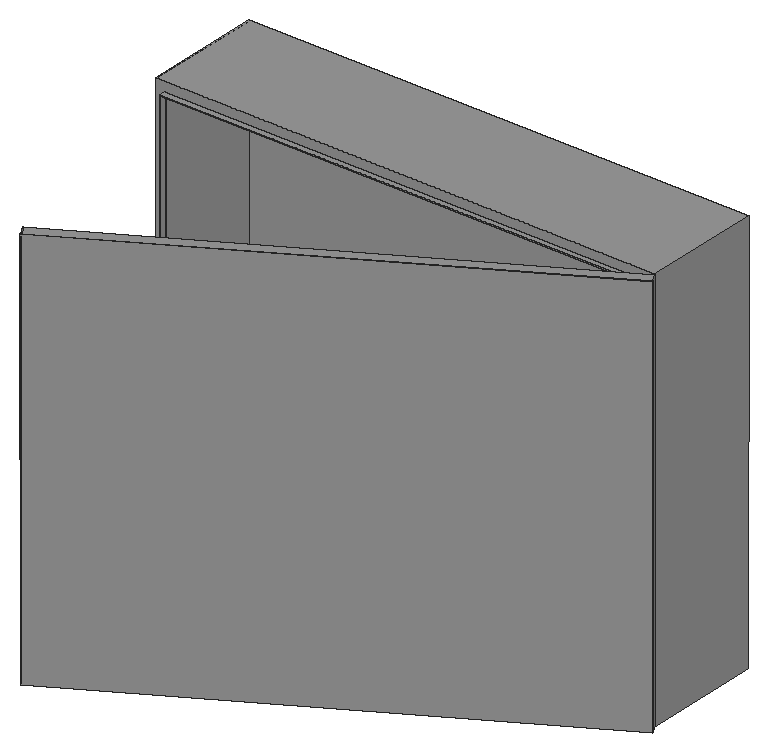
Revit family "Hager-Univers-IP44-D205-H650-Cl.II-Encl-NoHosted-BE-fr", category Electrical Equipment, Revit 2020
Family settings
  Panel Configuration = Two Columns, Circuits Across
  Round Connector Dimension = Use Diameter
  Part Type = Panelboard
  Work Plane-Based = Yes
  Always vertical = Yes
  Cut with Voids When Loaded = No
  Shared = No
  Room Calculation Point = No
Parameters (values of type "saillie IP44 L800 H650 P205  - FP43QS")
  Width Control [instance] = if([EF000008 - largeur] > Min Width, [EF000008 - largeur], Min Width)  # 800 mm
  Type Comments = [HG000003 - Gamme]  # "Univers"
  Thickness Door [instance] = if([EF009171 - épaisseur de matériau de la porte/du couvercle] > 3 mm, 3 mm, [EF009171 - épaisseur de matériau de la porte/du couvercle])  # 1 mm
  Seal Frame Offset [instance] = 17 mm  # constant formula
  Plinth Visibility [instance] = [HG000027 - Hauteur du socle] > 0 mm  # no
  Min Width [instance] = 100 mm  # constant formula
  Min Depth [instance] = (2 * [EF009170 - épaisseur de matériau du boîtier]) + 1 mm  # 3 mm
  Min Height [instance] = 100 mm  # constant formula
  Internal Frame Depth [instance] = (Door System Depth * 0.5)  # 9 mm
  Panel Name [instance] = ""  # (empty or 0)
  Model = ""
  HG000027 - Hauteur du socle = 0 mm
  HG000026 - Installation au sol = no
  HG000024 - Hauteur de la section basse = 600 mm
  HG000023 - Armoire double section = no
  HG000016 - Visibilité de la porte 3D [instance] = yes
  HG000015 - Visibilité de l'emprise de la porte [instance] = no
  HG000014 - Porte à droite [instance] = yes
  HG000013 - Porte à gauche [instance] = not([HG000014 - Porte à droite])  # no
  HG000012 - Angle de pivotement de la porte [instance] = 30.00°
  HG000010 - Portes asymétriques = no
  HG000009 - Porte à double battant = no
  HG000006 - Encastré = no
  HG000004 - Référence fabricant = "FP43QS"
  HG000003 - Gamme = "Univers"
  HG000002 - avec porte = yes
  Frame Offset Bottom [instance] = 10 mm  # constant formula
  Frame Offset [instance] = 15 mm  # constant formula
  EF015940 - couvercle avec décharge de pression = no
  EF011959 - degré de protection (NEMA) = ""
  EF009554 - nombre d'ouvertures pour plaques à bride = 6
  EF009212 - finition du couvercle = "EV000116 - fermé"
  EF009171 - épaisseur de matériau de la porte/du couvercle = 1 mm
  EF009170 - épaisseur de matériau du boîtier = 1 mm
  EF008873 - courant nominal (In) = 250 A
  EF007800 - adapté à un parafoudre = no
  EF006306 - avec serrure = no
  EF006244 - couvercle/porte transparent(e) = no
  EF005474 - indice de protection (IP) = "EV006418 - IP44"
  EF004464 - type de porte = "EV002646 - unique"
  EF004427 - nombre de modules = 144
  EF004293 - indice de protection contre les chocs (IK) = "EV006815 - IK09"
  EF003532 - convient pour utilisation à l’extérieur = no
  EF002950 - largeur en nombre de modules = 36
  EF001613 - maintien de fonction = "EV000494 - sans"
  EF001596 - matériau du boîtier/corps = "EV000179 - acier"
  EF001131 - profondeur intérieure = 143 mm
  EF001088 - possibilité de montage en saillie = yes
  EF000437 - nombre d'entrées de conduit = 6
  EF000339 - type de capot = "EV001012 - couvercle"
  EF000266 - nombre de rangées = 4
  EF000218 - profondeur d'encastrement = 0 mm
  EF000118 - avec cadre/support de montage = no
  EF000116 - numéro RAL = "9010"
  EF000049 - profondeur = 205 mm
  EF000040 - hauteur = 650 mm
  EF000008 - largeur = 800 mm
  EF000007 - couleur = "EV000202 - blanc"
  EF000003 - mode de pose = "EV000384 - saillie"
  Door System Leaf Tolerance [instance] = 1.5 mm  # constant formula
  Door System Depth [instance] = 18 mm  # constant formula
  Door Height [instance] = Height Control - [HG000027 - Hauteur du socle]  # 650 mm
  Description = ""
  Default Elevation = 1219.2 mm
  Connector Offset [instance] = Height Control / 2  # 325 mm
  Manufacturer = "Hager"  # constant formula
  Height Control [instance] = if([EF000040 - hauteur] > Min Height, [EF000040 - hauteur], Min Height)  # 650 mm
  Depth Control [instance] = if([EF000049 - profondeur] > Min Depth, [EF000049 - profondeur], Min Depth)  # 205 mm
  Bottom Top Plate Trim [instance] = 1.5 mm  # constant formula
  Plinth height Ctrl [instance] = if([HG000027 - Hauteur du socle] > 0 mm, [HG000027 - Hauteur du socle], 12 mm)  # 12 mm
Types (5, lengths in mm): name | Width Control | HG000009 - Porte à double battant | HG000004 - Référence fabricant | EF009554 - nombre d'ouvertures pour plaques à bride | EF004464 - type de porte | EF004427 - nombre de modules | EF002950 - largeur en nombre de modules | EF000437 - nombre d'entrées de conduit | EF000008 - largeur
  saillie IP44 L1050 H650 P205  - FP44QS | 1050 | yes | "FP44QS" | 8 | "EV003602 - double" | 192 | 48 | 8 | 1050
  saillie IP44 L1300 H650 P205  - FP45QS | 1300 | yes | "FP45QS" | 10 | "EV003602 - double" | 240 | 60 | 10 | 1300
  saillie IP44 L300 H650 P205  - FP41QS | 300 | no | "FP41QS" | 2 | "EV002646 - unique" | 48 | 12 | 2 | 300
  saillie IP44 L550 H650 P205  - FP42QS | 550 | no | "FP42QS" | 4 | "EV002646 - unique" | 96 | 24 | 4 | 550
  saillie IP44 L800 H650 P205  - FP43QS | 800 | no | "FP43QS" | 6 | "EV002646 - unique" | 144 | 36 | 6 | 800
Reference planes
  plane 1 "Center (Front/Back)": y = 0
  plane 2: z = 0
  plane 3 "Center (Left/Right)": x = 0
  plane 4: y = 0
  plane 5: y = 0
  plane 6: z = 0
  plane 7: x = -400
  plane 8: x = 400
  plane 9: x = 399
  plane 10: x = -399
  plane 11: z = 0
  plane 12: z = 1
  plane 13: y = -205
  plane 14: y = -1
  plane 15: x = 0
  plane 16: y = -187
  plane 17: y = -204
  plane 18: y = -186
  plane 19: x = -384
  plane 20: x = 384
  plane 21: z = 11
  plane 22: x = -383
  plane 23: x = 383
  plane 24: z = 0
  plane 25: z = 650
  plane 26: z = 650
  plane 27: z = 634
  plane 28: z = 649
Forms (mm)
  Extrusion 1, solid, material "Hager_Steel_RAL7035_Light_Grey", detail levels medium+fine
    sketch origin (-208.679, -4572, 0) x (-1, 0, 0) y (0, -1, 0)
      loop
        line (191.321, -4385) -> (-608.679, -4385) -> (-608.679, -4572) -> (191.321, -4572) -> (191.321, -4385)
    from 0 to 650
  Extrusion 2, void
    sketch origin (-350.771, -205, 1219.2) x (1, 0, 0) y (0, 0, 1)
      loop
        line (-48.229, -570.2) -> (-48.229, -1218.2) -> (749.771, -1218.2) -> (749.771, -570.2) -> (-48.229, -570.2)
    from -19 to -204
  Extrusion 3, void
    sketch origin (-290.084, -187, 1219.2) x (1, 0, 0) y (0, 0, 1)
      loop
        line (-93.916, -1208.2) -> (674.084, -1208.2) -> (674.084, -585.2) -> (-93.916, -585.2) -> (-93.916, -1208.2)
    from 0 to -1
  Extrusion 4, solid, material "Hager_Steel_RAL7035_Light_Grey", visible <- "Plinth Visibility", detail levels medium+fine
    sketch origin (0, 0, 0) x (1, 0, 0) y (0, 1, 0)
      loop
        line (-400, 0) -> (-400, -187) -> (400, -187) -> (400, 0) -> (-400, 0)
    from 0 to 12 <- "Plinth height Ctrl"
  Extrusion 5, solid, material "Hager_Steel_RAL7035_Light_Grey", detail levels coarse
    sketch origin (0, 0, 0) x (1, 0, 0) y (0, 1, 0)
      loop
        line (-400, 0) -> (-400, -205) -> (400, -205) -> (400, 0) -> (-400, 0)
    from 0 to 650 <- "Height Control"
  Sweep 6, void
    path in 3D
      loop
        line (-400, -187, 12) -> (400, -187, 12) -> (400, 0, 12) -> (-400, 0, 12) -> (-400, -187, 12)
    profile origin (-400, -93.5, 12) x (1, 0, 0) y (0, 0, 1)
      loop
        line (0, 0) -> (0, -1.5) -> (1.5, -1.5)
        arc (1.5, -1.5) -> (1.061, -0.439) -> (0, 0) r 1.5
  Extrusion 7, solid, material "Hager_Steel_RAL7035_Light_Grey", detail levels fine
    sketch origin (-400, -187, 0) x (1, 0, 0) y (0, 0, 1)
      loop
        line (16, 11) -> (784, 11) -> (784, 634) -> (16, 634) -> (16, 11)
      loop
        line (15, 10) -> (785, 10) -> (785, 635) -> (15, 635) -> (15, 10)
    from 0 to 9 <- "Internal Frame Depth"
Cuts and joins
  Extrusion 2, Extrusion 3 cuts Extrusion 1
  Sweep 6 cuts Extrusion 4
Lines and regions (mm)
  Masking region 1
    outline origin (0, 0, 0) x (1, 0, 0) y (0, 1, 0)
      loop
        line (-400, 0) -> (-400, -205) -> (400, -205) -> (400, 0) -> (-400, 0)
  Masking region 2, detail levels coarse
    outline origin (-290.084, -187, 1219.2) x (-1, 0, 0) y (0, 0, 1)
      loop
        line (-690.084, -1219.2) -> (109.916, -1219.2) -> (109.916, -569.2) -> (-690.084, -569.2) -> (-690.084, -1219.2)
  Masking region 3, detail levels coarse
    outline origin (0, 0, 0) x (0, 1, 0) y (0, 0, 1)
      loop
        line (0, 0) -> (0, 650) -> (-205, 650) -> (-205, 0) -> (0, 0)
  Masking region 4, visible <- "Plinth Visibility", detail levels medium+fine
    outline origin (0, 0, 0) x (0, 1, 0) y (0, 0, 1)
      loop
        line (-1.5, 12) -> (-185.5, 12)
        arc (-185.5, 12) -> (-185.939, 10.939) -> (-187, 10.5) r 1.5
        line (-187, 10.5) -> (-187, 0) -> (0, 0) -> (0, 10.5)
        arc (0, 10.5) -> (-1.061, 10.939) -> (-1.5, 12) r 1.5
  Masking region 5, detail levels medium+fine
    outline origin (0, 0, 594.038) x (0, 1, 0) y (0, 0, 1)
      loop
        line (0, -594.038) -> (0, 55.962) -> (-187, 55.962) -> (-187, -594.038) -> (0, -594.038)
  Masking region 6, detail levels medium+fine
    outline origin (-359.7, -187, 1211.883) x (-1, 0, 0) y (0, 0, 1)
      loop
        line (-759.7, -1211.883) -> (40.3, -1211.883) -> (40.3, -561.883) -> (-759.7, -561.883) -> (-759.7, -1211.883)
  Masking region 7, visible <- "Plinth Visibility", detail levels medium+fine
    outline origin (-320.334, -187, 1041.368) x (-1, 0, 0) y (0, 0, 1)
      loop
        line (-720.334, -1041.368) -> (79.666, -1041.368) -> (79.666, -1030.868)
        arc (79.666, -1030.868) -> (78.606, -1030.429) -> (78.166, -1029.368) r 1.5
        line (78.166, -1029.368) -> (-718.834, -1029.368)
        arc (-718.834, -1029.368) -> (-719.273, -1030.429) -> (-720.334, -1030.868) r 1.5
        line (-720.334, -1030.868) -> (-720.334, -1041.368)
  sketch lines
    curve 1: line (-400, 0, 12) -> (-400, -187, 12)
    curve 2: line (-400, -187, 12) -> (400, -187, 12)
    curve 3: line (400, 0, 12) -> (-400, 0, 12)
    curve 4: line (400, -187, 12) -> (400, 0, 12)
Dimensions and locks
  locked: plane 1 "Center (Front/Back)" to plane 5
  "EF009170 - épaisseur de matériau du boîtier": plane 7 to plane 10
  "EF009170 - épaisseur de matériau du boîtier": plane 8 to plane 9
  equal spacing: plane 7, plane 3 "Center (Left/Right)", plane 8
  "Width Control": plane 7 to plane 8
  "Depth Control": plane 4 to plane 13
  "EF009170 - épaisseur de matériau du boîtier": plane 4 to plane 14
  "Height Control": plane 25 to level
  "HG000027 - Hauteur du socle": plane 11 to level
  "EF009170 - épaisseur de matériau du boîtier": plane 12 to plane 11
  "EF009170 - épaisseur de matériau du boîtier": plane 17 to plane 13
  "EF009170 - épaisseur de matériau du boîtier": plane 18 to plane 16
  "Frame Offset Bottom": plane 21 to plane 12
  "Frame Offset": plane 10 to plane 19
  "Frame Offset": plane 9 to plane 20
  "Door System Depth": plane 16 to plane 13
  "Seal Frame Offset": plane 7 to plane 22
  "Seal Frame Offset": plane 8 to plane 23
  "EF009170 - épaisseur de matériau du boîtier": plane 26 to plane 28
  "Frame Offset": plane 28 to plane 27
  "Connector Offset": plane 2 to connector elem
  "Bottom Top Plate Trim": profile plane to Sweep 6 sketch curve
  "Bottom Top Plate Trim": Sweep 6 sketch curve to Sweep 6 sketch curve
  "Plinth height Ctrl": Masking region 4 sketch curve to level
  "Plinth height Ctrl": Masking region 7 sketch curve to level
  "Thickness Door": Extrusion 7 sketch curve to Extrusion 7 sketch curve  (x4)
  "Bottom Top Plate Trim": radius of Sweep 6 sketch curve
  "Bottom Top Plate Trim": radius of Masking region 4 sketch curve  (x2)
  "Bottom Top Plate Trim": radius of Masking region 7 sketch curve  (x2)
  aligned and locked: Extrusion 2 sketch curve to plane 12
  aligned and locked: Extrusion 2 sketch curve to plane 9
  aligned and locked: Extrusion 2 sketch curve to plane 10
  aligned and locked: Extrusion 2 to plane 14
  aligned and locked: Extrusion 1 sketch curve to plane 4
  aligned and locked: plane 8 to Extrusion 1 sketch curve
  aligned and locked: plane 7 to Extrusion 1 sketch curve
  aligned and locked: Extrusion 2 to plane 18
  aligned and locked: Extrusion 3 sketch curve to plane 19
  aligned and locked: plane 20 to Extrusion 3 sketch curve
  aligned and locked: Extrusion 3 to Extrusion 2
  aligned and locked: Extrusion 3 sketch curve to plane 21
  aligned and locked: plane 3 "Center (Left/Right)" to nested 1
  aligned and locked: Extrusion 1 sketch curve to plane 16
  aligned and locked: Extrusion 4 sketch curve to cut or joined group of Extrusion 1, Extrusion 2, Extrusion 3
  aligned and locked: Masking region 1 sketch curve to plane 7
  aligned and locked: Masking region 1 sketch curve to plane 5
  aligned and locked: Masking region 1 sketch curve to plane 8
  aligned and locked: Masking region 2 sketch curve to level
  aligned and locked: level to Masking region 3 sketch curve
  aligned and locked: plane 1 "Center (Front/Back)" to Masking region 3 sketch curve
  aligned and locked: plane 13 to Masking region 3 sketch curve
  aligned and locked: plane 5 to Masking region 4 sketch curve
  aligned and locked: Masking region 2 sketch curve to plane 8
  aligned and locked: Masking region 2 sketch curve to plane 7
  aligned and locked: plane 7 to nested 2
  aligned and locked: nested 2 to plane 5
  aligned and locked: plane 5 to Masking region 5 sketch curve
  aligned and locked: plane 26 to Masking region 5 sketch curve
  aligned and locked: Extrusion 5 sketch curve to plane 8
  aligned and locked: Extrusion 5 sketch curve to plane 7
  aligned and locked: Extrusion 5 sketch curve to plane 5
  aligned and locked: Extrusion 3 sketch curve to plane 27
  aligned and locked: Extrusion 2 sketch curve to plane 28
  aligned and locked: Masking region 2 to plane 25
  aligned and locked: Extrusion 4 to plane 16
  aligned and locked: profile plane to Sweep 6 sketch curve
  aligned and locked: Masking region 5 sketch curve to plane 24
  aligned and locked: level to Masking region 4 sketch curve
  aligned and locked: Masking region 1 to plane 13
  aligned and locked: nested 1 to plane 16
  aligned and locked: Masking region 3 to plane 25
  aligned and locked: plane 16 to Masking region 4 sketch curve
  aligned and locked: Masking region 5 sketch curve to plane 16
  aligned and locked: plane 24 to plane 11
  aligned and locked: plane 26 to plane 25
  aligned and locked: plane 26 to cut or joined group of Extrusion 1, Extrusion 2, Extrusion 3
  aligned and locked: nested 1 to plane 24
  aligned and locked: Extrusion 1 to Extrusion 3
  aligned and locked: Masking region 6 sketch curve to plane 8
  aligned and locked: Masking region 6 sketch curve to plane 24
  aligned and locked: Masking region 6 sketch curve to plane 7
  aligned and locked: Masking region 6 sketch curve to plane 26
  aligned and locked: Masking region 7 sketch curve to plane 7
  aligned and locked: level to Masking region 7 sketch curve
  aligned and locked: Masking region 7 sketch curve to plane 8
  aligned and locked: Extrusion 7 sketch curve to cut or joined group of Extrusion 1, Extrusion 2, Extrusion 3  (x4)
Automatic sketch dimensions
  plane 19 to Extrusion 3 sketch curve = 0 mm
  Extrusion 3 sketch curve to plane 20 = 0 mm
  Extrusion 3 sketch curve to plane 21 = 0 mm
  Extrusion 4 sketch curve to plane 7 = 0 mm
  Extrusion 4 sketch curve to plane 8 = 0 mm
  Extrusion 4 sketch curve to plane 16 = 0 mm
  Masking region 1 sketch curve to plane 13 = 0 mm
  Masking region 2 sketch curve to plane 25 = 0 mm
  Masking region 3 sketch curve to plane 25 = 0 mm
  Extrusion 5 sketch curve to plane 13 = 0 mm
  profile plane to Sweep 6 sketch curve = 0 mm
Nested families
  nested 1: "EC000058_Univers_Door" at (0, -187, 0), Double <- "HG000009 - Porte à double battant", Transparent <- "EF006244 - couvercle/porte transparent(e)", Angle <- "HG000012 - Angle de pivotement de la porte", Door_Right <- "HG000014 - Porte à droite", Assymetrical <- "HG000010 - Portes asymétriques", Door <- "HG000002 - avec porte", Width_Ctrl <- "Width Control", 3d_Door <- "HG000016 - Visibilité de la porte 3D", Clearance <- "HG000015 - Visibilité de l'emprise de la porte", Door_Left <- "HG000013 - Porte à gauche", Width <- "Width Control", Door_Depth <- "Door System Depth", Leaf_Tolerance <- "Door System Leaf Tolerance", Height <- "Door Height", Lock_Visibility <- "EF006306 - avec serrure", Thickness <- "Thickness Door", type "EC000058_Univers_Door", detail levels medium+fine
    with min_wh 3 mm, Width_Ctrl 800 mm, Width 800 mm, Transparent no, Thickness 1 mm, Seal_Material Hager_Rubber, Lock_Visibility no, Lock_Material Hager_Plastic_RAL9005_Jet_Black, Leaf_Width 800 mm, Leaf_Tolerance_External_Sides 0 mm, Leaf_Tolerance 1.5 mm, Leaf_Offset 0 mm, Leaf_Height 647 mm, Leaf_2_Width 800 mm, Leaf_2_Offset 400 mm, Leaf_1_Width 800 mm, Leaf_1_Offset 400 mm, Height_Ctrl 650 mm, Height 650 mm, Glass_Material Hager_Glass, Double_Clearance_Ctrl no, Double no, Door_Right_Ctrl yes, Door_Right yes, Door_Material Hager_Steel_RAL7035_Light_Grey, Door_Left_Ctrl no, Door_Left no, Door_Depth 18 mm, Door yes, Clearance_Material Hager_Clearance, Clearance_Depth 800 mm, Clearance_Ctrl no, Clearance no, Assymetrical no, Angle 30.00°, 3d_Door yes
  nested 2: "Hager_Enclosure_Symbol" at (-400, 0, 0), Height <- "Depth Control", Width <- "Width Control", type "Hager_Enclosure_Symbol"
    with Width_Ctrl 800 mm, Width 800 mm, Height_Ctrl 205 mm, Height 205 mm, A_Width_Int 13.453 mm, A_Width 161.438 mm, A_Height_Ctrl 179.375 mm, A_Height 179.375 mm
Connectors
  electrical at (0, 0, 325)
    settings: on plane 1 "Center (Front/Back)", index 1, voltage 0 V, apparent load 0 VA, apparent load phase1 0 VA, apparent load phase2 0 VA, apparent load phase3 0 VA, power factor 1, load classification "Other", number of poles 1, system type 30, power factor state 1, is connector primary yes, connector utility no, sub classification motor no, connector description ""
Definition of nested family "EC000058_Univers_Door"
  Parameters (values of type "EC000058_Univers_Door")
    min_wh [instance] = (2 * Thickness) + 1 mm  # 11 mm
    Width_Ctrl [instance] = 400 mm
    Width [instance] = 500 mm
    Transparent [instance] = yes
    Thickness [instance] = 5 mm
    Seal_Material [instance] = none
    Lock_Visibility [instance] = yes
    Lock_Material [instance] = none
    Leaf_Width [instance] = if((Width_Ctrl - 2 * Leaf_Tolerance_External_Sides) > 0 mm, (Width_Ctrl - 2 * Leaf_Tolerance_External_Sides), min_wh)  # 400 mm
    Leaf_Tolerance_External_Sides [instance] = 0 mm  # constant formula
    Leaf_Tolerance [instance] = 1.5 mm
    Leaf_Offset [instance] = 0 mm  # constant formula
    Leaf_Height [instance] = if((Height_Ctrl - 2 * Leaf_Tolerance) > 0 mm, (Height_Ctrl - 2 * Leaf_Tolerance), min_wh)  # 497 mm
    Leaf_2_Width [instance] = if(and(and(Double, Assymetrical), Door_Left), (Leaf_Width / 3) - (Leaf_Tolerance / 2), if(and(and(Double, Assymetrical), Door_Right), (Leaf_Width / 3) * 2 - (Leaf_Tolerance / 2), if(and(Double, not(Assymetrical)), (Leaf_Width / 2) - Leaf_Tolerance, Leaf_Width)))  # 400 mm
    Leaf_2_Offset [instance] = if(and(Double, Assymetrical), Leaf_2_Width / 2, if(and(Double, not(Assymetrical)), Leaf_Width / 4, Leaf_Width / 2))  # 200 mm
    Leaf_1_Width [instance] = if(and(and(Double, Assymetrical), Door_Right), (Leaf_Width / 3) - (Leaf_Tolerance / 2), if(and(and(Double, Assymetrical), Door_Left), (Width / 3) * 2 - (Leaf_Tolerance / 2), if(and(Double, not(Assymetrical)), (Leaf_Width / 2) - Leaf_Tolerance, Leaf_Width)))  # 400 mm
    Leaf_1_Offset [instance] = if(and(Double, Assymetrical), Leaf_1_Width / 2, if(and(Double, not(Assymetrical)), Leaf_Width / 4, Leaf_Width / 2))  # 200 mm
    Height_Ctrl [instance] = if(Height > min_wh, Height, min_wh)  # 500 mm
    Height [instance] = 500 mm
    Glass_Material [instance] = none
    Double_Clearance_Ctrl [instance] = and(Double, Clearance)  # no
    Double [instance] = no
    Door_Right_Ctrl [instance] = and(or(Door_Right, Double), Door)  # yes
    Door_Right [instance] = yes
    Door_Material [instance] = none
    Door_Left_Ctrl [instance] = and(or(Door_Left, Double), Door)  # no
    Door_Left [instance] = no
    Door_Depth [instance] = 30 mm
    Door [instance] = yes
    Default Elevation = 1219.2 mm
    Clearance_Material [instance] = none
    Clearance_Depth [instance] = if(Leaf_1_Width > Leaf_2_Width, Leaf_1_Width, Leaf_2_Width)  # 400 mm
    Clearance_Ctrl [instance] = and(not(Double), Clearance)  # yes
    Clearance [instance] = yes
    Assymetrical [instance] = yes
    Angle [instance] = 30.00°
    3d_Door [instance] = yes
  Reference planes
    plane 1 "Center (Front/Back)": y = 0
    plane 2 "Bottom": z = 0
    plane 3 "Center (Left/Right)": x = 0
    plane 4: z = 500
    plane 5: x = -200
    plane 6: x = 200
    plane 7: z = 500
    plane 8: x = -200
    plane 9: z = 0
    plane 10: x = 200
    plane 11: y = 0
    plane 12: z = 1.5
    plane 13: x = -600
    plane 14: y = -400
    plane 15: x = 600
    plane 16: x = 0
    plane 17: x = 0
    plane 18: x = -200
    plane 19: x = 200
    plane 20: z = 498.5
  Forms (mm)
    Extrusion 1, solid, material <- "Clearance_Material", visible <- "Double_Clearance_Ctrl"
      sketch origin (1200, 0, 0) x (1, 0, 0) y (0, 0, -1)
        loop
          line (-1800, -498.5) -> (-600, -498.5) -> (-600, 0) -> (-1800, 0) -> (-1800, -498.5)
      from 0 to -400
  Dimensions and locks
    equal spacing: plane 5, plane 3 "Center (Left/Right)", plane 6
    "Width_Ctrl": plane 5 to plane 6
    "Leaf_Offset": plane 5 to plane 8
    "Leaf_Offset": plane 6 to plane 10
    "Leaf_Offset": plane 9 to level
    "Leaf_Offset": plane 4 to plane 7
    "Height_Ctrl": plane 4 to level
    "Leaf_Tolerance": plane 12 to plane 9
    locked: plane 11 to plane 1 "Center (Front/Back)"
    "Leaf_1_Offset": plane 18 to plane 16
    "Leaf_2_Offset": plane 17 to plane 19
    "Leaf_1_Width": plane 13 to plane 8
    "Leaf_2_Width": plane 10 to plane 15
    "Clearance_Depth": plane 14 to plane 1 "Center (Front/Back)"
    "Leaf_Tolerance_External_Sides": plane 8 to plane 18
    "Leaf_Tolerance_External_Sides": plane 19 to plane 10
    "Leaf_Tolerance": plane 7 to plane 20
    aligned and locked: level to plane 2 "Bottom"
    aligned and locked: nested 1 to plane 16
    aligned and locked: nested 2 to plane 17
    aligned and locked: Extrusion 1 to plane 13
    aligned and locked: plane 15 to Extrusion 1
    aligned and locked: Extrusion 1 to plane 14
    aligned and locked: plane 12 to nested 1
    aligned and locked: nested 2 to plane 12
    aligned and locked: Extrusion 1 to plane 11
    aligned and locked: plane 20 to Extrusion 1
    aligned and locked: nested 2 to plane 11
    aligned and locked: nested 1 to plane 11
  Automatic sketch dimensions
    Extrusion 1 sketch curve to level = 0 mm
    plane 5 to Extrusion 1 sketch curve = 400 mm
    plane 6 to Extrusion 1 sketch curve = 400 mm
    Extrusion 1 sketch curve to plane 4 = 1.5 mm
  Nested families
    nested 1: "EC000058_Univers_Door_Leaf" at (0, 0, 1.5), Width <- "Leaf_1_Width", visible <- "Door_Left_Ctrl", Leaf_Height <- "Leaf_Height", Angle <- "Angle", 3d_Door <- "3d_Door", Transparent <- "Transparent", Clearance Material <- "Clearance_Material", Clearance <- "Clearance_Ctrl", Door_Material <- "Door_Material", Glass_Material <- "Glass_Material", Door_Depth <- "Door_Depth", Lock_Material <- "Lock_Material", Seal_Material <- "Seal_Material", Lock_Visibility <- "Lock_Visibility", Thickness <- "Thickness", type "EC000058_Univers_Door_Leaf"
      with Width 400 mm, Transparent_Glass_Offset 30 mm, Transparent_Ctrl yes, Transparent yes, Thickness 5 mm, Standard no, Seal_Material none, Seal_D2 8 mm, Seal_D1 1 mm, Offset_Internal_Frame 10 mm, Lock_Width 20 mm, Lock_Visibility_3d yes, Lock_Visibility yes, Lock_Thickness_3 3 mm, Lock_Thickness_2 1 mm, Lock_Thickness_1 3 mm, Lock_Radius_Offset_2 16 mm, Lock_Radius_Offset_1 15 mm, Lock_Radius_2 5 mm, Lock_Radius 6 mm, Lock_Offset 5 mm, Lock_Material none, Lock_Height 80 mm, Lock_Cover_Top_Offset_2d 17 mm, Lock_Cover_Height -65 mm, Leaf_Height 497 mm, Internal_Seal_Thickness 8 mm, Internal_Seal_Depth_2 4.5 mm, Internal_Frame_Depth 25 mm, Glass_Thickness -1 mm, Glass_Offset -2 mm, Glass_Material none, Door_Material none, Door_Depth 30 mm, Clearance Material none, Clearance yes, Angle_Ctrl 30.00°, Angle 30.00°, 3d_Door yes
    nested 2: "EC000058_Univers_Door_Leaf" at (0, 0, 1.5) x (-1, 0, 0) z (0, 0, 1), Width <- "Leaf_2_Width", visible <- "Door_Right_Ctrl", Leaf_Height <- "Leaf_Height", Angle <- "Angle", 3d_Door <- "3d_Door", Transparent <- "Transparent", Clearance Material <- "Clearance_Material", Clearance <- "Clearance_Ctrl", Door_Material <- "Door_Material", Glass_Material <- "Glass_Material", Door_Depth <- "Door_Depth", Lock_Material <- "Lock_Material", Seal_Material <- "Seal_Material", Lock_Visibility <- "Lock_Visibility", Thickness <- "Thickness", type "EC000058_Univers_Door_Leaf"
      with Width 400 mm, Transparent_Glass_Offset 30 mm, Transparent_Ctrl yes, Transparent yes, Thickness 5 mm, Standard no, Seal_Material none, Seal_D2 8 mm, Seal_D1 1 mm, Offset_Internal_Frame 10 mm, Lock_Width 20 mm, Lock_Visibility_3d yes, Lock_Visibility yes, Lock_Thickness_3 3 mm, Lock_Thickness_2 1 mm, Lock_Thickness_1 3 mm, Lock_Radius_Offset_2 16 mm, Lock_Radius_Offset_1 15 mm, Lock_Radius_2 5 mm, Lock_Radius 6 mm, Lock_Offset 5 mm, Lock_Material none, Lock_Height 80 mm, Lock_Cover_Top_Offset_2d 17 mm, Lock_Cover_Height -65 mm, Leaf_Height 497 mm, Internal_Seal_Thickness 8 mm, Internal_Seal_Depth_2 4.5 mm, Internal_Frame_Depth 25 mm, Glass_Thickness -1 mm, Glass_Offset -2 mm, Glass_Material none, Door_Material none, Door_Depth 30 mm, Clearance Material none, Clearance yes, Angle_Ctrl 30.00°, Angle 30.00°, 3d_Door yes
  Definition of nested family "EC000058_Univers_Door_Leaf"
    Parameters (values of type "EC000058_Univers_Door_Leaf")
      Width [instance] = 2000 mm
      Transparent_Glass_Offset [instance] = 30 mm
      Transparent_Ctrl [instance] = and(Transparent, [3d_Door])  # yes
      Transparent [instance] = yes
      Thickness [instance] = 5 mm
      Standard [instance] = and(not(Transparent), [3d_Door])  # no
      Seal_Material [instance] = none
      Seal_D2 [instance] = 8 mm  # constant formula
      Seal_D1 [instance] = 1 mm  # constant formula
      Offset_Internal_Frame [instance] = 10 mm  # constant formula
      Lock_Width [instance] = 20 mm  # constant formula
      Lock_Visibility_3d [instance] = and(Lock_Visibility, [3d_Door])  # yes
      Lock_Visibility [instance] = yes
      Lock_Thickness_3 [instance] = 3 mm  # constant formula
      Lock_Thickness_2 [instance] = 1 mm  # constant formula
      Lock_Thickness_1 [instance] = 3 mm  # constant formula
      Lock_Radius_Offset_2 [instance] = Lock_Radius_Offset_1 + 1 mm  # 16 mm
      Lock_Radius_Offset_1 [instance] = 15 mm  # constant formula
      Lock_Radius_2 [instance] = Lock_Radius - 1 mm  # 5 mm
      Lock_Radius [instance] = 6 mm  # constant formula
      Lock_Offset [instance] = 5 mm  # constant formula
      Lock_Material [instance] = none
      Lock_Height [instance] = 80 mm  # constant formula
      Lock_Cover_Top_Offset_2d [instance] = Lock_Radius_Offset_2 + 1 mm  # 17 mm
      Lock_Cover_Height [instance] = -(Lock_Height - Lock_Radius_Offset_1)  # -65 mm
      Leaf_Height [instance] = 2720.336 mm
      Internal_Seal_Thickness [instance] = 8 mm  # constant formula
      Internal_Seal_Depth_2 [instance] = 4.5 mm  # constant formula
      Internal_Frame_Depth [instance] = if(Door_Depth - Thickness > 5 mm, Door_Depth - Thickness, 5 mm)  # 25 mm
      Glass_Thickness [instance] = if(Thickness > 15 mm, Glass_Offset + 10 mm, -1 mm)  # -1 mm
      Glass_Offset [instance] = if(Thickness > 15 mm, -(Thickness + 10 mm) / 2, -2 mm)  # -2 mm
      Glass_Material [instance] = none
      Door_Material [instance] = none
      Door_Depth [instance] = 30 mm
      Default Elevation = 0 mm
      Clearance Material [instance] = none
      Clearance [instance] = yes
      Angle_Ctrl [instance] = if(Angle > 180.00°, 180.00°, Angle)  # 90.00°
      Angle [instance] = 90.00°
      3d_Door [instance] = yes
    Reference planes
      plane 1 "Center (Front/Back)": y = 0
      plane 2: z = 0
      plane 3 "Center (Left/Right)": x = 0
      plane 4: y = 2000
      plane 5: x = -1000
      plane 6: x = 1000
      plane 7: x = -3000
      plane 8: z = 2720.336
      plane 9: z = 30
      plane 10: z = 2690.336
      plane 11: x = 970
      plane 12: x = -970
      plane 13: y = -3
      plane 14: z = 107.833
      plane 15: y = -5
      plane 16: y = -223.314
      plane 17: x = -1000
      plane 18: z = 1360.168
      plane 19: y = 30
    Forms (mm)
      Extrusion 1, solid, material <- "Clearance Material", visible <- "Clearance"
        sketch origin (0, 0, 0) x (1, 0, 0) y (0, 0, 1)
          loop
            line (-3000, 2720.336) -> (-3000, 0) -> (1000, 0) -> (1000, 2720.336) -> (-3000, 2720.336)
        from 0 to -2000
      Extrusion 2, solid, material <- "Door_Material", visible <- "Standard", detail levels medium+fine
        sketch origin (-1000, 0, 0) x (0, 1, 0) y (-1, 0, 0)
          loop
            line (0, 30) -> (0, 25) -> (2000, 25) -> (2000, 30) -> (0, 30)
        from 0 to 2720.336 <- "Leaf_Height"
      Extrusion 3, solid, material <- "Door_Material", visible <- "Transparent_Ctrl", detail levels medium+fine
        sketch origin (-1000, 0, 0) x (0, 1, 0) y (-1, 0, 0)
          loop
            line (0, 25) -> (2000, 25) -> (2000, 30) -> (0, 30) -> (0, 25)
        from 0 to 2720.336 <- "Leaf_Height"
      Extrusion 4, void
        sketch origin (-1025, 2000, 0) x (0, 1, 0) y (0, 0, -1)
          loop
            line (-30, -2690.336) -> (-30, -30) -> (-1970, -30) -> (-1970, -2690.336) -> (-30, -2690.336)
        from 0 to 5 <- "Thickness"
      Sweep 5, solid, material <- "Seal_Material", visible <- "Transparent_Ctrl", detail levels fine
        path in 3D
          loop
            line (-1025, 30, 30) -> (-1025, 30, 2690.336) -> (-1025, 1970, 2690.336) -> (-1025, 1970, 30) -> (-1025, 30, 30)
        profile origin (-1025, 1000, 30) x (1, 0, 0) y (0, 0, 1)
          loop
            line (0, 0) -> (0, -8) -> (1, -8) -> (1, 0) -> (0, 0)
      Extrusion 6, solid, material <- "Glass_Material", visible <- "Transparent_Ctrl", detail levels medium+fine
        sketch origin (-1030, 0, 0) x (0, 1, 0) y (0, 0, -1)
          loop
            line (1970, -2690.336) -> (1970, -30) -> (30, -30) -> (30, -2690.336) -> (1970, -2690.336)
        from -2 <- "Glass_Offset" to -1 <- "Glass_Thickness"
      Extrusion 7, solid, material <- "Door_Material", visible <- "3d_Door", detail levels medium+fine
        sketch origin (-1025, 2000, 0) x (0, -1, 0) y (0, 0, -1)
          loop
            line (0, -2720.336) -> (2000, -2720.336) -> (2000, 0) -> (0, 0) -> (0, -2720.336)
          loop
            line (1995, -5) -> (5, -5) -> (5, -2715.336) -> (1995, -2715.336) -> (1995, -5)
        from 0 to 25 <- "Internal_Frame_Depth"
      Sweep 8, solid, material <- "Seal_Material", visible <- "Transparent_Ctrl", detail levels fine
        path in 3D
          loop
            line (-1025, 0, 0) -> (-1025, 2000, 0) -> (-1025, 2000, 2720.336) -> (-1025, 0, 2720.336) -> (-1025, 0, 0)
        profile origin (-1025, 0, 1360.168) x (1, 0, 0) y (0, 1, 0)
          loop
            line (0, 10) -> (2.975, 10)
            arc (2.975, 10) -> (4.053, 10.447) -> (4.5, 11.525) r 1.525
            line (4.5, 11.525) -> (4.5, 16.527)
            arc (4.5, 16.527) -> (4.069, 17.569) -> (3.027, 18) r 1.473
            line (3.027, 18) -> (0, 18) -> (0, 10)
      Extrusion 9, solid, material <- "Lock_Material", visible <- "Lock_Visibility_3d", detail levels fine
        sketch origin (-1030, 0, 0) x (0, 1, 0) y (0, 0, -1)
          loop
            arc (1993.5, -1400.168) -> (1994.561, -1399.729) -> (1995, -1398.668) r 1.5
            line (1995, -1398.668) -> (1995, -1320.168) -> (1975, -1320.168) -> (1975, -1398.668)
            arc (1975, -1398.668) -> (1975.439, -1399.729) -> (1976.5, -1400.168) r 1.5
            line (1976.5, -1400.168) -> (1993.5, -1400.168)
        from 3 <- "Lock_Thickness_1" to 0
      Blend 10, solid, material <- "Lock_Material", visible <- "Lock_Visibility_3d", detail levels fine
        base sketch origin (-1033, 0, 0) x (0, 1, 0) y (0, 0, -1)
          loop
            line (1975, -1320.168) -> (1975, -1398.668)
            arc (1975, -1398.668) -> (1975.439, -1399.729) -> (1976.5, -1400.168) r 1.5
            line (1976.5, -1400.168) -> (1993.5, -1400.168)
            arc (1993.5, -1400.168) -> (1994.561, -1399.729) -> (1995, -1398.668) r 1.5
            line (1995, -1398.668) -> (1995, -1320.168) -> (1975, -1320.168)
        top sketch origin (-1033, 0, 0) x (0, 1, 0) y (0, 0, -1)
          loop
            line (1976, -1320.168) -> (1976, -1398.668)
            arc (1976, -1398.668) -> (1976.146, -1399.022) -> (1976.5, -1399.168) r 0.5
            line (1976.5, -1399.168) -> (1993.5, -1399.168)
            arc (1993.5, -1399.168) -> (1993.854, -1399.022) -> (1994, -1398.668) r 0.5
            line (1994, -1398.668) -> (1994, -1320.168) -> (1976, -1320.168)
        from 0 to 1 <- "Lock_Thickness_2"
      Blend 11, solid, material <- "Lock_Material", visible <- "Lock_Visibility_3d", detail levels fine
        base sketch origin (-1034, 0, 0) x (0, 1, 0) y (0, 0, -1)
          loop
            line (1978, -1320.168) -> (1978, -1384.168)
            arc (1978, -1384.168) -> (1985, -1391.168) -> (1992, -1384.168) r 7
            line (1992, -1384.168) -> (1992, -1320.168) -> (1978, -1320.168)
        top sketch origin (-1034, 0, 0) x (0, 1, 0) y (0, 0, -1)
          loop
            line (1991, -1320.168) -> (1979, -1320.168) -> (1979, -1383.168)
            arc (1979, -1383.168) -> (1985, -1389.168) -> (1991, -1383.168) r 6
            line (1991, -1383.168) -> (1991, -1320.168)
        from 0 to 3 <- "Lock_Thickness_3"
      Extrusion 12, solid, material <- "Lock_Material", visible <- "Lock_Visibility_3d", detail levels fine
        sketch origin (-1030, 1975, 1320.168) x (1, 0, 0) y (0, -1, 0)
          loop
            line (-7, -19) -> (-7, -1) -> (0, -1) -> (0, 0) -> (-8, 0) -> (-8, -20) -> (0, -20) -> (0, -19) -> (-7, -19)
        from 0 to -65 <- "Lock_Cover_Height"
      Extrusion 13, void
        sketch origin (-1038, 1995, 1320.168) x (-1, 0, 0) y (0, 0, -1)
          loop
            line (-5, -65) -> (0, -65) -> (-5, -60) -> (-5, -65)
        from 0 to 20 <- "Lock_Width"
      Extrusion 14, void
        sketch origin (-1038, 1975, 1320.168) x (0, -1, 0) y (0, 0, -1)
          loop
            circle (-10, -15.995) r 6
          loop
            circle (-10, -15.995) r 5
        from 0 to 2
      Extrusion 15, solid, material <- "Lock_Material", visible <- "Lock_Visibility_3d", detail levels medium
        sketch origin (-1030, 0, 0) x (0, 1, 0) y (0, 0, -1)
          loop
            arc (1993.5, -1400.168) -> (1994.561, -1399.729) -> (1995, -1398.668) r 1.5
            line (1995, -1398.668) -> (1995, -1320.168) -> (1975, -1320.168) -> (1975, -1398.668)
            arc (1975, -1398.668) -> (1975.439, -1399.729) -> (1976.5, -1400.168) r 1.5
            line (1976.5, -1400.168) -> (1993.5, -1400.168)
        from 8 to 0
    Cuts and joins
      Extrusion 4 cuts Extrusion 3
      Extrusion 13, Extrusion 14 cuts Extrusion 9
      Extrusion 14 cuts Blend 11
      Extrusion 13, Extrusion 14 cuts Extrusion 12
      joined: Extrusion 9, Blend 10, Blend 11, Extrusion 12
      Extrusion 14 cuts Extrusion 15
    Lines and regions (mm)
      Masking region 1, visible <- "Lock_Visibility", detail levels fine
        outline origin (0, 0, 0) x (0, 1, 0) y (0, 0, 1)
          loop
            line (30, 1320.168) -> (33, 1320.168) -> (33, 1400.168) -> (30, 1400.168) -> (30, 1320.168)
      Masking region 2, visible <- "Lock_Visibility", detail levels fine
        outline origin (0, 3.143, 0) x (0, 1, 0) y (0, 0, 1)
          loop
            line (29.857, 1354.168) -> (30.857, 1354.168) -> (30.857, 1366.168) -> (29.857, 1366.168) -> (29.857, 1354.168)
      Masking region 3, detail levels medium+fine
        outline origin (0, 0, 0) x (0, 1, 0) y (0, 0, 1)
          loop
            line (0, 0) -> (30, 0) -> (30, 2720.336) -> (0, 2720.336) -> (0, 0)
      Masking region 4, detail levels medium+fine
        outline origin (0, 0, 0) x (1, 0, 0) y (0, 0, 1)
          loop
            line (-1000, 2720.336) -> (-1000, 0) -> (1000, 0) -> (1000, 2720.336) -> (-1000, 2720.336)
      Masking region 5, visible <- "Lock_Visibility", detail levels fine
        outline origin (-47.116, 0, 0) x (1, 0, 0) y (0, 0, 1)
          loop
            arc (1024.616, 1399.168) -> (1023.556, 1398.729) -> (1023.116, 1397.668) r 1.5
            line (1023.116, 1397.668) -> (1023.116, 1320.168) -> (1041.116, 1320.168) -> (1041.116, 1397.668)
            arc (1041.116, 1397.668) -> (1040.677, 1398.729) -> (1039.616, 1399.168) r 1.5
            line (1039.616, 1399.168) -> (1024.616, 1399.168)
      Masking region 6, visible <- "Lock_Visibility", detail levels medium+fine
        outline origin (-25, 0, 0) x (1, 0, 0) y (0, 0, 1)
          loop
            arc (1001.5, 1400.168) -> (1000.439, 1399.729) -> (1000, 1398.668) r 1.5
            line (1000, 1398.668) -> (1000, 1320.168) -> (1020, 1320.168) -> (1020, 1398.668)
            arc (1020, 1398.668) -> (1019.561, 1399.729) -> (1018.5, 1400.168) r 1.5
            line (1018.5, 1400.168) -> (1001.5, 1400.168)
      Masking region 7, visible <- "Lock_Visibility", detail levels fine
        outline origin (-73.735, 0, 0) x (1, 0, 0) y (0, 0, 1)
          loop
            line (1051.735, 1382.168) -> (1065.735, 1382.168) -> (1065.735, 1384.168)
            arc (1065.735, 1384.168) -> (1058.735, 1391.168) -> (1051.735, 1384.168) r 7
            line (1051.735, 1384.168) -> (1051.735, 1382.168)
      Masking region 8, visible <- "Lock_Visibility", detail levels fine
        outline origin (-73.735, 0, 0) x (1, 0, 0) y (0, 0, 1)
          loop
            line (1052.735, 1382.168) -> (1064.735, 1382.168) -> (1064.735, 1383.168)
            arc (1064.735, 1383.168) -> (1058.735, 1389.168) -> (1052.735, 1383.168) r 6
            line (1052.735, 1383.168) -> (1052.735, 1382.168)
      Masking region 9, visible <- "Lock_Visibility", detail levels fine
        outline origin (-25, 0, 0) x (1, 0, 0) y (0, 0, 1)
          loop
            line (1020, 1320.168) -> (1020, 1382.168) -> (1000, 1382.168) -> (1000, 1320.168) -> (1020, 1320.168)
      Masking region 10, detail levels medium+fine
        outline origin (0, 0, 0) x (1, 0, 0) y (0, 0, 1)
          loop
            circle (985, 1335.144) r 6
      Masking region 11, detail levels fine
        outline origin (0, 0, 0) x (1, 0, 0) y (0, 0, 1)
          loop
            circle (985, 1335.144) r 5
      Masking region 12, visible <- "Lock_Visibility", detail levels fine
        outline origin (0, 12.767, 0) x (0, 1, 0) y (0, 0, 1)
          loop
            line (20.233, 1320.168) -> (21.233, 1320.168) -> (21.233, 1399.168) -> (20.233, 1400.168) -> (20.233, 1320.168)
      Masking region 13, visible <- "Lock_Visibility", detail levels fine
        outline origin (0, 13.767, -10) x (0, 1, 0) y (0, 0, 1)
          loop
            line (20.233, 1330.168) -> (23.233, 1330.168) -> (23.233, 1399.168) -> (20.233, 1402.168) -> (20.233, 1330.168)
      Masking region 14, visible <- "Lock_Visibility", detail levels fine
        outline origin (0, 12.767, -10) x (0, 1, 0) y (0, 0, 1)
          loop
            line (20.233, 1330.168) -> (25.233, 1330.168) -> (25.233, 1399.305) -> (20.233, 1394.305) -> (20.233, 1330.168)
      Masking region 15, visible <- "Lock_Visibility", detail levels medium
        outline origin (0, 0, 0) x (0, 1, 0) y (0, 0, 1)
          loop
            line (30, 1320.168) -> (38, 1320.168) -> (38, 1400.168) -> (30, 1400.168) -> (30, 1320.168)
      Masking region 16, visible <- "Lock_Visibility", detail levels fine
        outline origin (-1000, 0, 0) x (0, 1, 0) y (-1, 0, 0)
          loop
            line (1975, 30) -> (1995, 30) -> (1995, 38) -> (1975, 38) -> (1975, 30)
          loop
            line (1979, 37) -> (1976, 37) -> (1976, 34) -> (1978, 34) -> (1979, 37)
          loop
            line (1994, 37) -> (1991, 37) -> (1992, 34) -> (1994, 34) -> (1994, 37)
      Masking region 17, visible <- "Lock_Visibility", detail levels medium
        outline origin (-1000, 0, 0) x (0, 1, 0) y (-1, 0, 0)
          loop
            line (1975, 30) -> (1995, 30) -> (1995, 38) -> (1975, 38) -> (1975, 30)
      symbolic lines
        curve 1: line (1000, 0, 0) -> (-3000, 0, 0)
        curve 2: arc (1000, 0, 0) -> (-1000, 2000, 0) -> (-3000, 0, 0) r 2000
        curve 4: line (-1030, 0, 0) -> (-1030, 2000, 0)
      reference lines
        curve 3: line (-1000, 0, 0) -> (-1000, 2000, 0)
      symbolic lines, detail levels medium+fine
        curve 5: line (-1030, 2000, 0) -> (-1025, 2000, 0)
        curve 7: line (-1025, 0, 0) -> (-1030, 0, 0)
        curve 8: line (-1025, 0, 0) -> (-1000, 0, 0)
        curve 9: line (-1000, 0, 0) -> (-1000, 2000, 0)
        curve 10: line (-1000, 2000, 0) -> (-1025, 2000, 0)
      symbolic lines, detail levels fine
        curve 6: line (-1025, 2000, 0) -> (-1025, 0, 0)
      sketch lines
        curve 11: line (-1025, 0, 2720.336) -> (-1025, 0, 0)
        curve 12: line (-1025, 2000, 0) -> (-1025, 0, 0)
        curve 13: line (-1025, 2000, 2720.336) -> (-1025, 2000, 0)
        curve 14: line (-1025, 0, 2720.336) -> (-1025, 2000, 2720.336)
        curve 15: line (-1025, 1970, 30) -> (-1025, 30, 30)
        curve 16: line (-1025, 30, 30) -> (-1025, 30, 2690.336)
        curve 17: line (-1025, 1970, 2690.336) -> (-1025, 1970, 30)
        curve 18: line (-1025, 30, 2690.336) -> (-1025, 1970, 2690.336)
      symbolic lines, visible <- "Transparent", detail levels medium+fine
        curve 19: line (-970, 0, 2690.336) -> (970, 0, 2690.336)
        curve 20: line (-970, 0, 30) -> (-970, 0, 2690.336)
        curve 21: line (970, 0, 30) -> (-970, 0, 30)
        curve 22: line (970, 0, 2690.336) -> (970, 0, 30)
    Dimensions and locks
      "Width": plane 1 "Center (Front/Back)" to plane 4
      equal spacing: plane 5, plane 3 "Center (Left/Right)", plane 6
      "Width": plane 5 to plane 6
      "Width": plane 7 to plane 5
      "Leaf_Height": plane 8 to level
      "Width": curve 5 to curve 3
      "Width": curve 3 to curve 3
      plane 8 to plane 10 = 30 mm
      plane 9 to level = 30 mm
      plane 12 to plane 5 = 30 mm
      plane 6 to plane 11 = 30 mm
      Extrusion 1 to Extrusion 4 sketch curve = 30 mm
      "Transparent_Glass_Offset": curve 3 to Extrusion 4 sketch curve
      "Transparent_Glass_Offset": Extrusion 4 sketch curve to cut or joined group of Extrusion 3, Extrusion 4  (x2)
      cut or joined group of Extrusion 3, Extrusion 4 to Extrusion 6 sketch curve = 30 mm
      "Transparent_Glass_Offset": cut or joined group of Extrusion 3, Extrusion 4 to Extrusion 4 sketch curve
      "Thickness": curve 6 to curve 4
      "Thickness": Extrusion 7 sketch curve to Extrusion 7 sketch curve  (x4)
      "Door_Depth": curve 4 to curve 3
      "Offset_Internal_Frame": profile plane to Sweep 8 sketch curve
      "Internal_Seal_Thickness": Sweep 8 sketch curve to Sweep 8 sketch curve
      "Internal_Seal_Depth_2": profile plane to Sweep 8 sketch curve
      "Seal_D1": profile plane to Sweep 5 sketch curve
      "Seal_D2": profile plane to Sweep 5 sketch curve
      "Thickness": Extrusion 2 sketch curve to Extrusion 2 sketch curve
      equal spacing: Extrusion 9 sketch curve, plane 18, Extrusion 9 sketch curve  (x2)
      equal spacing: Masking region 1 sketch curve, plane 18, Masking region 1 sketch curve
      "Lock_Height": Masking region 1 sketch curve to Masking region 1 sketch curve
      "Lock_Radius": Masking region 2 sketch curve to plane 18 to Masking region 2 sketch curve
      Masking region 2 sketch curve to Masking region 1 = 1 mm
      "Door_Depth": plane 19 to plane 1 "Center (Front/Back)"
      "Lock_Thickness_1": Masking region 1 sketch curve to plane 19
      "Lock_Width": Extrusion 9 sketch curve to Extrusion 9 sketch curve
      "Lock_Height": Extrusion 9 sketch curve to Extrusion 9 sketch curve
      "Lock_Offset": cut or joined group of Extrusion 3, Extrusion 4 to Extrusion 9 sketch curve
      equal spacing: plane 8, plane 18, level
      "Lock_Radius_Offset_1": Blend 11 sketch curve to Blend 10
      locked: Blend 10 to Blend 11 sketch curve at 2  (x2)
      locked: var sketch to Blend 11 sketch curve at 1  (x2)
      "Lock_Radius_Offset_2": Blend 11 sketch curve to Blend 10
      locked: Extrusion 12 sketch curve to Extrusion 12 sketch curve at 1  (x3)
      Masking region 6 sketch curve to Masking region 6 sketch curve = 80 mm
      "Lock_Height": Masking region 6 sketch curve to Masking region 6 sketch curve
      "Lock_Width": Masking region 6 sketch curve to Masking region 6 sketch curve
      locked: Masking region 6 to Masking region 5 sketch curve at 1  (x3)
      locked: Masking region 5 to Masking region 7 sketch curve at 2  (x2)
      "Lock_Radius_Offset_1": Masking region 5 to Masking region 7 sketch curve
      "Lock_Radius_Offset_2": Masking region 5 to Masking region 8 sketch curve
      locked: Masking region 7 to Masking region 8 sketch curve at 1  (x2)
      "Lock_Cover_Top_Offset_2d": Masking region 5 to Masking region 9 sketch curve
      equal spacing: Masking region 9, Masking region 10 sketch curve, Masking region 9
      equal spacing: Masking region 9, Masking region 11 sketch curve, Masking region 9
      Extrusion 15 sketch curve to Extrusion 15 sketch curve = 80 mm
      "Lock_Width": Extrusion 15 sketch curve to Extrusion 15 sketch curve
      "Lock_Height": Extrusion 15 sketch curve to Extrusion 15 sketch curve
      equal spacing: Extrusion 15 sketch curve, plane 18, Extrusion 15 sketch curve
      "Lock_Thickness_3": Masking region 13 sketch curve to Masking region 13 sketch curve
      "Lock_Height": Masking region 12 sketch curve to Masking region 12 sketch curve
      locked: Masking region 13 sketch curve to Masking region 1 at 8
      locked: Masking region 14 sketch curve to Masking region 13 at 1
      locked: Masking region 14 sketch curve to Masking region 1 at 10.863
      "Lock_Height": Masking region 15 sketch curve to Masking region 15 sketch curve
      "Lock_Offset": Extrusion 15 sketch curve to cut or joined group of Extrusion 3, Extrusion 4
      "Lock_Offset": plane 6 to Masking region 6 sketch curve
      radius of Sweep 8 sketch curve = 1.525 mm
      radius of Sweep 8 sketch curve = 1.473 mm
      radius of Extrusion 9 sketch curve = 1.5 mm  (x2)
      "Lock_Radius": radius of Extrusion 14 sketch curve
      "Lock_Radius_2": radius of Extrusion 14 sketch curve
      "Lock_Radius": radius of Masking region 10 sketch curve
      "Lock_Radius_2": radius of Masking region 11 sketch curve
      radius of Extrusion 15 sketch curve = 1.5 mm  (x2)
      "Angle_Ctrl": angle plane 1 "Center (Front/Back)" to curve 3
      locked: Masking region 12 sketch curve to Masking region 12 sketch curve (angle 45.00°)
      locked: Masking region 13 sketch curve to Masking region 13 sketch curve (angle 45.00°)
      locked: Masking region 14 sketch curve to Masking region 14 sketch curve (angle 45.00°)
      aligned and locked: level to plane 2
      aligned and locked: Extrusion 1 to curve 1
      aligned and locked: plane 6 to Extrusion 1
      aligned and locked: Extrusion 1 to plane 1 "Center (Front/Back)"
      aligned and locked: plane 4 to Extrusion 1
      aligned and locked: plane 8 to Extrusion 1
      aligned and locked: curve 7 to Extrusion 2 sketch curve
      aligned and locked: curve 5 to Extrusion 2 sketch curve
      aligned and locked: curve 7 to Extrusion 3 sketch curve
      aligned and locked: Extrusion 3 sketch curve to curve 4
      aligned and locked: Extrusion 3 sketch curve to curve 6
      aligned and locked: Extrusion 3 sketch curve to curve 5
      aligned and locked: curve 9 to curve 3
      aligned and locked: Extrusion 7 sketch curve to cut or joined group of Extrusion 3, Extrusion 4  (x4)
      aligned and locked: plane 17 to curve 3
      aligned and locked: plane 1 "Center (Front/Back)" to curve 3
      aligned and locked: plane 17 to plane 5
      aligned and locked: Sweep 8 sketch curve to profile plane
      aligned and locked: Sweep 5 sketch curve to profile plane  (x2)
      aligned and locked: Masking region 1 to Masking region 2 sketch curve
      aligned and locked: plane 19 to Masking region 1 sketch curve
      aligned and locked: plane 1 "Center (Front/Back)" to Masking region 3 sketch curve
      aligned and locked: plane 19 to Masking region 3 sketch curve
      aligned and locked: level to Masking region 3 sketch curve
      aligned and locked: Masking region 3 sketch curve to plane 8
      aligned and locked: plane 17 to Masking region 4 sketch curve
      aligned and locked: level to Masking region 4 sketch curve
      aligned and locked: Masking region 4 sketch curve to plane 8
      aligned and locked: plane 12 to curve 20
      aligned and locked: plane 10 to curve 19
      aligned and locked: plane 11 to curve 22
      aligned and locked: curve 21 to plane 9
      aligned and locked: Extrusion 2 sketch curve to cut or joined group of Extrusion 3, Extrusion 4
      aligned and locked: Blend 10 sketch curve to Extrusion 9  (x4)
      aligned and locked: Extrusion 9 to Blend 10 sketch curve
      aligned and locked: Blend 10 to Blend 11 sketch curve
      aligned and locked: Extrusion 12 sketch curve to Blend 11
      aligned and locked: Extrusion 12 sketch curve to Extrusion 9  (x4)
      aligned and locked: Masking region 5 sketch curve to Masking region 6
      aligned and locked: Masking region 9 sketch curve to Masking region 6  (x3)
      aligned and locked: Masking region 12 sketch curve to Masking region 1
      aligned and locked: Masking region 13 sketch curve to Masking region 1
      aligned and locked: Masking region 12 to Masking region 14
      aligned and locked: Masking region 14 sketch curve to Masking region 1
      aligned and locked: Masking region 15 sketch curve to Masking region 14
      aligned and locked: Masking region 13 sketch curve to Masking region 12
      aligned and locked: Masking region 16 sketch curve to cut or joined group of Extrusion 14, Extrusion 15  (x4)
      aligned and locked: Masking region 16 sketch curve to cut or joined group of Extrusion 9, Blend 10, Blend 11, Extrusion 12, Extrusion 13, Extrusion 14  (x6)
      aligned and locked: cut or joined group of Extrusion 9, Blend 10, Blend 11, Extrusion 12, Extrusion 13, Extrusion 14 to Masking region 16 sketch curve
      aligned and locked: Masking region 17 sketch curve to cut or joined group of Extrusion 14, Extrusion 15  (x3)
      aligned and locked: Masking region 17 sketch curve to cut or joined group of Extrusion 9, Blend 10, Blend 11, Extrusion 12, Extrusion 13, Extrusion 14
      aligned and locked: Masking region 9 to Masking region 8 sketch curve
      aligned and locked: Masking region 9 to Masking region 7 sketch curve
    Automatic sketch dimensions
      plane 1 "Center (Front/Back)" to curve 2 = 0 mm
      curve 2 to plane 5 = 0 mm
      Extrusion 1 sketch curve to level = 0 mm
      Extrusion 1 sketch curve to plane 7 = 0 mm
      Extrusion 1 sketch curve to plane 6 = 0 mm
      Extrusion 1 sketch curve to plane 8 = 0 mm
      Extrusion 3 to Extrusion 6 sketch curve = 30 mm  (x4)
      Masking region 4 sketch curve to plane 6 = 0 mm
      Blend 10 sketch curve to Extrusion 9 = 1.5 mm
      Blend 10 sketch curve to Extrusion 9 = 1 mm
      Extrusion 13 sketch curve to Extrusion 12 = 0 mm  (x2)
      Extrusion 12 to Extrusion 13 sketch curve = 3 mm
      Extrusion 13 sketch curve to Extrusion 12 = 5 mm
      Extrusion 14 sketch curve to Extrusion 14 sketch curve = 0 mm  (x2)
      Extrusion 14 sketch curve to Extrusion 12 = 10 mm
      Extrusion 14 sketch curve to Extrusion 12 = 15.995 mm
      Masking region 5 sketch curve to Masking region 5 sketch curve = 1.5 mm  (x2)
      Masking region 10 sketch curve to plane 18 = 25.024 mm
      Masking region 11 sketch curve to plane 18 = 25.024 mm
      plane 19 to Masking region 14 sketch curve = 3 mm
      Masking region 16 sketch curve to Masking region 16 sketch curve = 3 mm
      curve 4 to curve 3 = 0 mm
      Blend 10 to Blend 11 sketch curve = 0 mm
      Masking region 6 sketch curve to Masking region 6 sketch curve = 1.5 mm  (x2)
      Masking region 6 sketch curve to plane 18 = 40 mm
      plane 19 to Masking region 12 sketch curve = 3 mm
      Masking region 12 sketch curve to Masking region 12 sketch curve = 1 mm
      Masking region 15 sketch curve to plane 19 = 0 mm
      Masking region 15 sketch curve to plane 18 = 40 mm
      radius of Blend 10 sketch curve to Extrusion 9 = 1 mm
Definition of nested family "Hager_Enclosure_Symbol"
  Parameters (values of type "Hager_Enclosure_Symbol")
    Width_Ctrl [instance] = if(Width > 1 mm, Width, 1 mm)  # 102.27 mm
    Width [instance] = 102.27 mm
    Height_Ctrl [instance] = if(Height > 1 mm, Height, 1 mm)  # 66.5 mm
    A_Width_Int [instance] = if(A_Width / 12 > 2 mm, A_Width / 12, 2 mm)  # 4.364 mm
    A_Width [instance] = if(A_Height_Ctrl * 0.9 > 2 mm, A_Height_Ctrl * 0.9, 2 mm)  # 52.369 mm
    A_Height_Ctrl [instance] = if(A_Height > 2 mm, A_Height, 2 mm)  # 58.188 mm
    Height [instance] = 66.5 mm
    A_Height [instance] = Height - (Height / 8)  # 58.188 mm
  Reference planes
    plane 1 "Centre (avant/arrière)": y = 0
    plane 2: z = 0
    plane 3 "Centre (gauche/droite)": x = 0
    plane 4: x = 52.369
    plane 5: y = 33.042
    plane 6: y = 41.77
    plane 7: y = 66.5
    plane 8: x = 26.184
    plane 9: y = 37.406
    plane 10: x = 102.27
    plane 11: y = 66.5
    plane 12: y = 8.313
  Lines and regions (mm)
    Filled region 1, type "Solid_Black", in view "Niveau de réf."
      outline origin (0, 0, 0) x (1, 0, 0) y (0, 1, 0)
        loop
          line (52.369, 66.5) -> (33.188, 54.536) -> (45.365, 45.006) -> (52.369, 66.5)
    Filled region 2, type "Solid_Black", in view "Niveau de réf."
      outline origin (0, 0, 0) x (1, 0, 0) y (0, 1, 0)
        loop
          line (0, 0) -> (102.27, 0) -> (102.27, 66.5) -> (0, 0)
    detail lines, in view "Niveau de réf."
      curve 1: line (0, 8.313, 0) -> (26.184, 41.77, 0)
      curve 2: line (26.184, 41.77, 0) -> (26.184, 33.042, 0)
      curve 3: line (26.184, 33.042, 0) -> (52.369, 66.5, 0)
  Dimensions and locks
    "A_Width": plane 3 "Centre (gauche/droite)" to plane 4
    equal spacing: plane 3 "Centre (gauche/droite)", plane 8, plane 4
    equal spacing: plane 6, plane 9, plane 5
    equal spacing: curve 3, Filled region 1 sketch curve, Filled region 1 sketch curve
    "Height_Ctrl": plane 1 "Centre (avant/arrière)" to plane 11
    "A_Height_Ctrl": plane 11 to plane 12
    equal spacing: plane 11, plane 9, plane 12
    "A_Width_Int": plane 6 to plane 9
    "Width_Ctrl": plane 3 "Centre (gauche/droite)" to plane 10
    angle Filled region 1 sketch curve to curve 3 = 20.00°
    angle curve 3 to Filled region 1 sketch curve = 20.00°
    locked: curve 3 to Filled region 1 sketch curve (angle 90.00°)
    aligned and locked: plane 10 to Filled region 2
    aligned and locked: plane 11 to Filled region 2 sketch curve
    aligned and locked: plane 10 to Filled region 2 sketch curve
    aligned and locked: plane 3 "Centre (gauche/droite)" to curve 1
    aligned and locked: plane 12 to curve 1
    aligned and locked: plane 7 to plane 11
  Automatic sketch dimensions
    Filled region 1 sketch curve to plane 4 = 0 mm
    Filled region 1 sketch curve to plane 7 = 0 mm
    plane 1 "Centre (avant/arrière)" to Filled region 2 sketch curve = 0 mm
    Filled region 2 sketch curve to plane 3 "Centre (gauche/droite)" = 0 mm
    curve 2 to plane 6 = 0 mm
    curve 2 to plane 8 = 0 mm
    curve 3 to plane 4 = 0 mm
    curve 2 to plane 5 = 0 mm
    curve 3 to plane 7 = 0 mm
